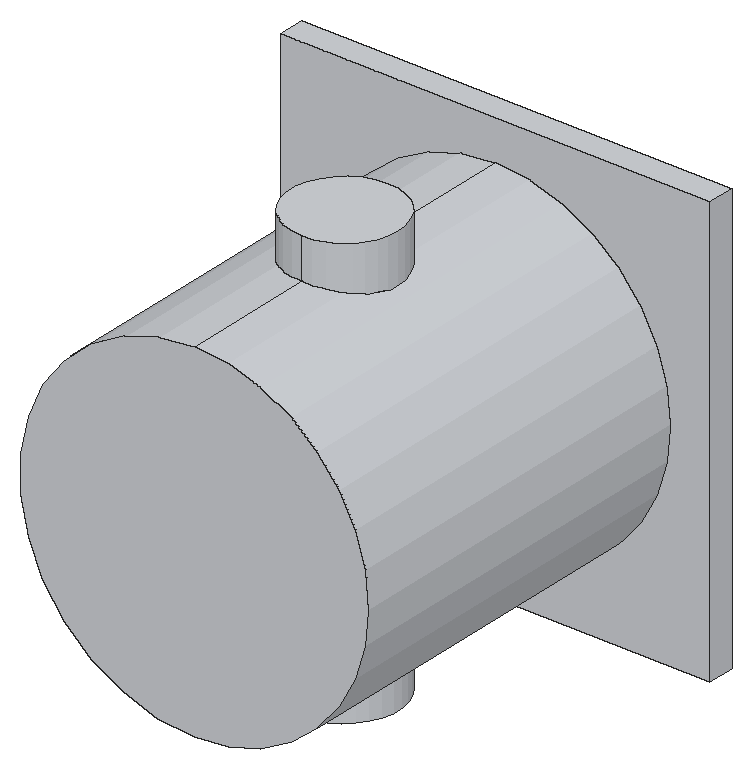
Revit family "NRG_Taster_V1700", category Kommunikationsgeräte, Revit 2017
Family settings
  Beschriftungsausrichtung beibehalten = Nein
  Bemaßung runder Anschluss = Durchmesser verwenden
  Teiletyp = Normal
  OmniClass-Nummer = 23.80.00.00
  OmniClass-Titel = Electric Power and Lighting
  Arbeitsebenenbasiert = Nein
  Immer vertikal = Ja
  Beim Laden mit Abzugskörper schneiden = Nein
  Gemeinsam genutzt = Nein
  Raumberechnungspunkt = Nein
Parameters (values of type "Zugtaster")
  pbr_Material_KZ = ""
  pbr_Material = none
  pbr_E_Typ = ""
  pbr_E_KZ = ""
  pbr_DINBild = 0
  pbr_Bild = 0
  pbr_3Dx_Delta_Korrekturversatz [instance] = 0 mm
  pbr_3DX_Versatzfaktor [instance] = 0
  pbr_2DY_Versatzfaktor [instance] = 0
  pbr_2DX_Versatzfaktor [instance] = 0
  lfd_STRK [instance] = 0
  cpiFitMatchKey [instance] = "E-LI-RU"
  Zugtaster = yes
  Winkel [instance] = 90.00°
  Typ [instance] = ""
  Text3 [instance] = ""
  Text2 [instance] = ""
  Text1 [instance] = ""
  Taster D = 60 mm
  Ruftaster mit Abstellfunktion = no
  Ruftaster SUB-D = no
  Ruftaster = no
  Port2 [instance] = ""
  Port1 [instance] = ""
  Planungsbüro Rohling = "www.pbr.de"
  Patienten-Handgerät = no
  Patchfeld [instance] = ""
  Netzart = ""
  Menge(Dosenzahl) [instance] = 0
  Linie [instance] = ""
  Lastklassifizierung = none
  Installationsart [instance] = ""
  Info [instance] = ""
  Gewerk [instance] = "SR"
  Eckversatz [instance] = 0 mm
  YFrontversatz [instance] = if(pbr_2DY_Versatzfaktor = 300, 0 mm, pbr_2DY_Versatzfaktor * 300 mm)  # 0 mm
  XSeitenversatz [instance] = if(pbr_2DX_Versatzfaktor = 0, 3000 mm, 3000 mm + (pbr_2DX_Versatzfaktor * 300 mm)) + Eckversatz  # 3000 mm
  X3Dversatz [instance] = 2000 mm
  R_Leerrohranschluss = 10 mm
  Niveau [instance] = 1100 mm
  Dosentiefe = 70 mm  # constant formula
  Dosenradius = 65 mm / 2  # 32.5 mm
  D_Leerrohranschluss = 2 * R_Leerrohranschluss  # 20 mm
  Bus [instance] = ""
  Birnentaster = no
  Betriebsstrom ruhe [instance] = 0
  Betriebsstrom max [instance] = 0
  Behinderten-Notruf = no
  Abstelltaster = no
  3DX_Versatzkontrolle [instance] = if(pbr_3DX_Versatzfaktor = 0, (pbr_2DX_Versatzfaktor * -1), (((-1 * pbr_3DX_Versatzfaktor) + pbr_2DX_Versatzfaktor) * -1))  # 0
  3DX_Versatzfaktor [instance] = 0
  3DX_Versatz [instance] = 0 mm
  2DY_Versatzfaktor [instance] = 0
  2DX_Versatzfaktor [instance] = 0
Types (8, lengths in mm): name | Zugtaster | Ruftaster mit Abstellfunktion | Ruftaster SUB-D | Ruftaster | Patienten-Handgerät | Gewerk | Birnentaster | Behinderten-Notruf | Abstelltaster
  Abstelltaster | no | no | no | no | no | "" | no | no | yes
  Behinderten_Notruf | no | no | no | no | no | "" | no | yes | no
  Birnentaster | no | no | no | no | no | "" | yes | no | no
  Patienten_Handgeraet | no | no | no | no | yes | "" | no | no | no
  Ruftaster | no | no | no | yes | no | "" | no | no | no
  Ruftaster_SUBD | no | no | yes | no | no | "" | no | no | no
  Ruftaster_Abstellfunktion | no | yes | no | no | no | "" | no | no | no
  Zugtaster | yes | no | no | no | no | "SR" | no | no | no
Reference planes
  plane 1 "Mitte (Vorne/Hinten)": y = 0
  plane 2: z = 0
  plane 3 "Mitte (Links/Rechts)": x = 0
  plane 4: x = -125
  plane 5: x = 125
  plane 6: y = 300
  plane 7 "Schalterhinten": y = 0
  plane 8: x = -3000
  plane 9: x = 0
  plane 10: x = -2000
  plane 11: x = -40
  plane 12: x = 40
  plane 13: z = 1140
  plane 14: z = 1060
  plane 15 "SchalterVorne": y = 5
  plane 16 "3D Schaltermitte-z": x = 0
  plane 17 "3D Schaltermitte-x": z = 1100
  plane 18: y = -70
  plane 19: y = -35
  plane 20: y = 12.5
Forms (mm)
  Extrusion 1, solid
    sketch origin (0, 20, 0) x (0, 0, 1) y (-1, 0, 0)
      loop
        line (1060, 40) -> (1060, -40) -> (1140, -40) -> (1140, 40) -> (1060, 40)
    from 15 to 20
  Sweep 2, solid
    path origin (0, 0, 0) x (0, 0, 1) y (0, -1, 0)
      loop
        line (1100, 0) -> (1100, 70)
    profile origin (0, -35, 1100) x (0, 0, -1) y (1, 0, 0)
      loop
        circle (0, 0) r 32.5
  Sweep 3, solid
    path origin (0, 0, 0) x (0, 0, 1) y (0, -1, 0)
      loop
        line (1060, 35) -> (1140, 35)
    profile origin (0, -35, 1100) x (0, -1, 0) y (1, 0, 0)
      loop
        circle (0, 0) r 10
  Sweep 4, solid
    path origin (0, 0, 1100) x (-1, 0, 0) y (0, -1, 0)
      loop
        line (0, -5) -> (0, -12.5)
    profile origin (0, 8.75, 1100) x (-1, 0, 0) y (0, 0, 1)
      loop
        circle (0, 0) r 30
Cuts and joins
  joined: Sweep 2, Sweep 3
Lines and regions (mm)
  model lines, not visible
    curve 1: line (-125, 0, 0) -> (125, 0, 0)
    curve 2: line (-125, 300, 0) -> (-125, 0, 0)
    curve 3: line (125, 300, 0) -> (-125, 300, 0)
    curve 4: line (125, 0, 0) -> (125, 300, 0)
Dimensions and locks
  plane 4 to plane 5 = 250 mm
  plane 6 to plane 7 "Schalterhinten" = 300 mm
  equal spacing: plane 4, plane 9, plane 5, locked at 125 each
  "XSeitenversatz": plane 8 to plane 9
  plane 8 to plane 3 "Mitte (Links/Rechts)" = 3000 mm
  "YFrontversatz": plane 1 "Mitte (Vorne/Hinten)" to plane 7 "Schalterhinten"
  plane 12 to plane 11 = 80 mm
  plane 13 to plane 14 = 80 mm
  plane 9 to plane 10 = 2000 mm
  equal spacing: plane 12, plane 16 "3D Schaltermitte-z", plane 11
  "X3Dversatz": plane 16 "3D Schaltermitte-z" to plane 10
  equal spacing: plane 13, plane 17 "3D Schaltermitte-x", plane 14
  "Niveau": plane 17 "3D Schaltermitte-x" to level
  "Dosentiefe": plane 1 "Mitte (Vorne/Hinten)" to plane 18
  plane 15 "SchalterVorne" to plane 1 "Mitte (Vorne/Hinten)" = 5 mm
  equal spacing: plane 18, plane 19, plane 1 "Mitte (Vorne/Hinten)"
  plane 15 "SchalterVorne" to plane 20 = 7.5 mm
  "Dosenradius": radius of Sweep 2 sketch curve
  "R_Leerrohranschluss": radius of Sweep 3 sketch curve
  "Taster D": diameter of Sweep 4 sketch curve
  aligned and locked: level to plane 2
  aligned and locked: curve 1 to plane 7 "Schalterhinten"
  aligned and locked: curve 2 to plane 4
  aligned and locked: curve 3 to plane 6
  aligned and locked: plane 5 to curve 4
  aligned and locked: plane 14 to Extrusion 1 sketch curve
  aligned and locked: Extrusion 1 sketch curve to plane 11
  aligned and locked: Extrusion 1 sketch curve to plane 13
  aligned and locked: plane 12 to Extrusion 1 sketch curve
  aligned and locked: plane 1 "Mitte (Vorne/Hinten)" to Extrusion 1
  aligned and locked: Extrusion 1 to plane 15 "SchalterVorne"
  aligned and locked: plane 20 to Sweep 4 sketch curve
  aligned and locked: plane 15 "SchalterVorne" to Sweep 4 sketch curve
  aligned and locked: nested 1 to plane 9
  aligned and locked: nested 1 to plane 7 "Schalterhinten"
  aligned and locked: nested 2 to plane 7 "Schalterhinten"
  aligned and locked: nested 2 to plane 9
  aligned and locked: nested 3 to plane 7 "Schalterhinten"
  aligned and locked: nested 3 to plane 9
  aligned and locked: nested 4 to plane 7 "Schalterhinten"
  aligned and locked: nested 4 to plane 9
  aligned and locked: nested 5 to plane 7 "Schalterhinten"
  aligned and locked: nested 5 to plane 9
  aligned and locked: nested 6 to plane 7 "Schalterhinten"
  aligned and locked: nested 6 to plane 9
  aligned and locked: nested 7 to plane 7 "Schalterhinten"
  aligned and locked: nested 7 to plane 9
  aligned and locked: nested 8 to plane 7 "Schalterhinten"
  aligned and locked: nested 8 to plane 9
Automatic sketch dimensions
  Sweep 2 sketch curve to plane 17 "3D Schaltermitte-x" = 0 mm
  Sweep 2 sketch curve to plane 1 "Mitte (Vorne/Hinten)" = 0 mm
  Sweep 2 sketch curve to plane 18 = 0 mm
  Sweep 3 sketch curve to plane 14 = 0 mm
  plane 13 to Sweep 3 sketch curve = 0 mm
  Sweep 3 sketch curve to plane 19 = 0 mm
  Sweep 2 sketch curve to plane 16 "3D Schaltermitte-z" = 0 mm
  Sweep 2 sketch curve to profile plane = 0 mm
  Sweep 3 sketch curve to plane 16 "3D Schaltermitte-z" = 0 mm
  Sweep 3 sketch curve to profile plane = 0 mm
  Sweep 4 sketch curve to plane 16 "3D Schaltermitte-z" = 0 mm
  Sweep 4 sketch curve to plane 17 "3D Schaltermitte-x" = 0 mm
  Sweep 4 sketch curve to profile plane = 0 mm
Nested families
  nested 1: "Abstelltaster" at (0, 264, 1100), visible <- "Abstelltaster", Winkel <- "Winkel", type "Abstelltaster"
    with Winkel 90.00°
  nested 2: "Behinderten-Notruf" at (0, 264, 1100), Winkel <- "Winkel", visible <- "Behinderten-Notruf", type "Behinderten-Notruf"
    with Winkel 90.00°
  nested 3: "Birnentaster" at (0, 264, 1100), Winkel <- "Winkel", visible <- "Birnentaster", type "Birnentaster"
    with Winkel 90.00°
  nested 4: "Patienten-Handgerät" at (0, 264, 1100), visible <- "Patienten-Handgerät", Winkel <- "Winkel", type "Patienten-Handgerät"
    with Winkel 90.00°
  nested 5: "Ruftaster" at (0, 264, 1100), visible <- "Ruftaster", Winkel <- "Winkel", type "Ruftaster"
    with Winkel 90.00°
  nested 6: "Ruftaster mit Abstellfunktion" at (0, 264, 1100), visible <- "Ruftaster mit Abstellfunktion", Winkel <- "Winkel", type "Ruftaster mit Abstellfunktion"
    with Winkel 90.00°
  nested 7: "Ruftaster SUB-D" at (0, 264, 1100), visible <- "Ruftaster SUB-D", Winkel <- "Winkel", type "Ruftaster SUB-D"
    with Winkel 90.00°
  nested 8: "Zugtaster" at (0, 264, 1100), visible <- "Zugtaster", Winkel <- "Winkel", type "Zugtaster"
    with Winkel 90.00°
Connectors
  electrical at (0, -35, 1140)
    settings: on cut or joined group of Sweep 2, Sweep 3, index 3, voltage 230 V, apparent load 0 VA, apparent load phase1 0 VA, apparent load phase2 0 VA, apparent load phase3 0 VA, power factor 1, load classification "Standard", number of poles 1, system type 31, power factor state 1, is connector primary yes, connector utility no, sub classification motor no, connector description ""
  cabletrayconduit at (0, -35, 1140), diameter 20, driven by "D_Leerrohranschluss"
    settings: on cut or joined group of Sweep 2, Sweep 3, index 4, connector width 300 mm, connector height 300 mm, connector angle 0.00°, system type 32, placement type 0, profile type 0, connector reference index -1, is primary connector yes, connector utility param no, connector description ""
  cabletrayconduit at (0, -35, 1060), diameter 20, driven by "D_Leerrohranschluss"
    settings: on cut or joined group of Sweep 2, Sweep 3, index 5, connector width 300 mm, connector height 300 mm, connector angle 0.00°, system type 32, placement type 0, profile type 0, connector reference index -1, is primary connector no, connector utility param no, connector description ""
Definition of nested family "Abstelltaster"
  Parameters (values of type "Abstelltaster")
    Winkel [instance] = 90.00°
    Geräteanschluss = yes
  Reference planes
    plane 1 "Mitte (Vorne/Hinten)": y = 0
    plane 2: z = 0
    plane 3 "Mitte (Links/Rechts)": x = 0
    plane 4: x = 0
    plane 5: y = 0
  Lines and regions (mm)
    detail lines, in view "Referenzebene", visible <- "Geräteanschluss"
      curve 1: line (-132, 0, 0) -> (132, 0, 0)
      curve 2: line (-132, -264, 0) -> (-132, 0, 0)
      curve 3: line (132, -264, 0) -> (-132, -264, 0)
      curve 4: line (132, 0, 0) -> (132, -264, 0)
  Dimensions and locks
    "Winkel": angle nested 1 to plane 3 "Mitte (Links/Rechts)"
  Automatic sketch dimensions
    plane 1 "Mitte (Vorne/Hinten)" to curve 2 = 0 mm
    curve 3 to plane 3 "Mitte (Links/Rechts)" = 132 mm
    plane 3 "Mitte (Links/Rechts)" to curve 3 = 132 mm
    plane 1 "Mitte (Vorne/Hinten)" to curve 4 = 264 mm
  Nested families
    nested 1: "text_Abstelltaster" at (0, -130, 0), type "Abstelltaster", in view "Referenzebene"
  Definition of nested family "text_Abstelltaster"
    Parameters (values of type "Abstelltaster")
      T = yes
      A = yes
    Reference planes
      plane 1 "Mitte (Vorne/Hinten)": y = 0
      plane 2: z = 0
      plane 3 "Mitte (Links/Rechts)": x = 0
    Lines and regions (mm)
      Filled region 1, type "Beton", in view "Referenzebene", visible <- "A"
        outline origin (1763.486, -757.628, 0) x (1, 0, 0) y (0, 1, 0)
          loop
            line (-1894.93, 668.608) -> (-1870.104, 668.608) -> (-1850.54, 722.358) -> (-1776.276, 722.358) -> (-1755.46, 668.608) -> (-1728.855, 668.608) -> (-1801.588, 845.993) -> (-1826.588, 845.993) -> (-1894.93, 668.608)
          loop
            line (-1843.65, 741.289) -> (-1783.608, 741.289) -> (-1814.84, 827.1) -> (-1843.65, 741.289)
      Filled region 2, type "Beton", in view "Referenzebene", visible <- "T"
        outline origin (-690.85, -761.746, 0) x (1, 0, 0) y (0, 1, 0)
          loop
            line (764.29, 672.451) -> (764.29, 829.169) -> (822.273, 829.169) -> (822.273, 849.836) -> (682.273, 849.836) -> (682.273, 829.169) -> (740.869, 829.169) -> (740.869, 672.451) -> (764.29, 672.451)
Definition of nested family "Behinderten-Notruf"
  Parameters (values of type "Behinderten-Notruf")
    Winkel [instance] = 90.00°
    Geräteanschluss = yes
  Reference planes
    plane 1 "Mitte (Vorne/Hinten)": y = 0
    plane 2: z = 0
    plane 3 "Mitte (Links/Rechts)": x = 0
    plane 4: x = 0
    plane 5: y = 0
  Lines and regions (mm)
    detail lines, in view "Referenzebene", visible <- "Geräteanschluss"
      curve 1: line (-132, 0, 0) -> (132, 0, 0)
      curve 2: line (-132, -264, 0) -> (-132, 0, 0)
      curve 3: line (132, -264, 0) -> (-132, -264, 0)
      curve 4: line (132, 0, 0) -> (132, -264, 0)
  Dimensions and locks
    "Winkel": angle nested 1 to plane 3 "Mitte (Links/Rechts)"
  Automatic sketch dimensions
    plane 1 "Mitte (Vorne/Hinten)" to curve 2 = 0 mm
    curve 3 to plane 3 "Mitte (Links/Rechts)" = 132 mm
    plane 3 "Mitte (Links/Rechts)" to curve 3 = 132 mm
    plane 1 "Mitte (Vorne/Hinten)" to curve 4 = 264 mm
  Nested families
    nested 1: "text_Behinderten-Notruf" at (0, -130, 0), type "Behinderten-Notruf", in view "Referenzebene"
  Definition of nested family "text_Behinderten-Notruf"
    Parameters (values of type "Behinderten-Notruf")
      H = yes
      B = yes
    Reference planes
      plane 1 "Mitte (Vorne/Hinten)": y = 0
      plane 2: z = 0
      plane 3 "Mitte (Links/Rechts)": x = 0
    Lines and regions (mm)
      Filled region 1, type "Beton", in view "Referenzebene", visible <- "H"
        outline origin (890.953, -1031.261, 0) x (1, 0, 0) y (0, 1, 0)
          loop
            line (-898.917, 942.626) -> (-875.554, 942.626) -> (-875.554, 1026.379) -> (-783.241, 1026.379) -> (-783.241, 942.626) -> (-759.837, 942.626) -> (-759.837, 1120.011) -> (-783.294, 1120.011) -> (-783.294, 1047.239) -> (-875.554, 1047.239) -> (-875.554, 1120.011) -> (-898.917, 1120.011) -> (-898.917, 942.626)
      Filled region 2, type "Beton", in view "Referenzebene", visible <- "B"
        outline origin (1414.512, -702.195, 0) x (1, 0, 0) y (0, 1, 0)
          loop
            line (-1544.516, 613.56) -> (-1479.516, 613.56)
            spline (-1479.516, 613.56) -> (-1459.501, 614.538) -> (-1449.077, 616.37) -> (-1438.354, 619.877) -> (-1427.259, 626.578) -> (-1419.677, 635.015) -> (-1414.593, 644.56) -> (-1411.289, 655.805) -> (-1410.745, 669.292) -> (-1412.675, 679.306) -> (-1417.981, 690.224) -> (-1425.374, 698.411) -> (-1438.978, 706.179)
            line (-1438.978, 706.179) -> (-1443.955, 707.99)
            spline (-1443.955, 707.99) -> (-1428.986, 719.191) -> (-1424.102, 726.277) -> (-1420.545, 735.059) -> (-1419.168, 744.675) -> (-1419.889, 753.616) -> (-1423.248, 763.57) -> (-1427.791, 771.692) -> (-1433.554, 778.155) -> (-1441.382, 783.669) -> (-1450.465, 787.576) -> (-1460.593, 789.819) -> (-1479.516, 790.945)
            line (-1479.516, 790.945) -> (-1544.516, 790.945) -> (-1544.516, 613.56)
          loop
            line (-1521.017, 634.543) -> (-1479.516, 634.543)
            spline (-1479.516, 634.543) -> (-1460.741, 635.334) -> (-1451.186, 638.212) -> (-1443.788, 642.832) -> (-1438.427, 649.914) -> (-1435.238, 659.162) -> (-1434.982, 668.394) -> (-1437.266, 677.482) -> (-1442.396, 685.293) -> (-1449.347, 690.587) -> (-1459.046, 693.875) -> (-1467.812, 695.071) -> (-1479.516, 695.54)
            line (-1479.516, 695.54) -> (-1521.017, 695.54) -> (-1521.017, 634.543)
          loop
            line (-1521.067, 716.443) -> (-1473.787, 716.443)
            spline (-1473.787, 716.443) -> (-1459.166, 718.851) -> (-1452.417, 722.041) -> (-1446.847, 727.287) -> (-1443.291, 734.695) -> (-1442.216, 742.824) -> (-1443.058, 750.483) -> (-1446.177, 758.019) -> (-1450.902, 763.476) -> (-1457.933, 767.41) -> (-1464.994, 768.967) -> (-1473.55, 769.762) -> (-1489.755, 770.003)
            line (-1489.755, 770.003) -> (-1521.067, 770.003) -> (-1521.067, 716.443)
Definition of nested family "Birnentaster"
  Parameters (values of type "Birnentaster")
    Winkel [instance] = 90.00°
    Geräteanschluss = yes
  Reference planes
    plane 1 "Mitte (Vorne/Hinten)": y = 0
    plane 2: z = 0
    plane 3 "Mitte (Links/Rechts)": x = 0
    plane 4: x = 0
    plane 5: y = 0
  Lines and regions (mm)
    detail lines, in view "Referenzebene", visible <- "Geräteanschluss"
      curve 1: line (-132, 0, 0) -> (132, 0, 0)
      curve 2: line (-132, -264, 0) -> (-132, 0, 0)
      curve 3: line (132, -264, 0) -> (-132, -264, 0)
      curve 4: line (132, 0, 0) -> (132, -264, 0)
  Dimensions and locks
    "Winkel": angle nested 1 to plane 4
  Automatic sketch dimensions
    plane 1 "Mitte (Vorne/Hinten)" to curve 2 = 0 mm
    curve 3 to plane 3 "Mitte (Links/Rechts)" = 132 mm
    plane 3 "Mitte (Links/Rechts)" to curve 3 = 132 mm
    plane 1 "Mitte (Vorne/Hinten)" to curve 4 = 264 mm
  Nested families
    nested 1: "text_Birnentaster" at (-0.592, -129.408, 0), type "text_Birnentaster", in view "Referenzebene"
  Definition of nested family "text_Birnentaster"
    Parameters (values of type "text_Birnentaster")
      T = yes
      B = yes
    Reference planes
      plane 1 "Mitte (Vorne/Hinten)": y = 0
      plane 2: z = 0
      plane 3 "Mitte (Links/Rechts)": x = 0
    Lines and regions (mm)
      Filled region 1, type "Beton", in view "Referenzebene", visible <- "B"
        outline origin (1479.859, -694.18, 0) x (1, 0, 0) y (0, 1, 0)
          loop
            line (-1609.863, 605.545) -> (-1544.863, 605.545)
            spline (-1544.863, 605.545) -> (-1524.848, 606.523) -> (-1514.424, 608.355) -> (-1503.702, 611.862) -> (-1492.606, 618.563) -> (-1485.024, 627) -> (-1479.94, 636.545) -> (-1476.636, 647.79) -> (-1476.092, 661.277) -> (-1478.022, 671.291) -> (-1483.328, 682.209) -> (-1490.721, 690.396) -> (-1504.326, 698.164)
            line (-1504.326, 698.164) -> (-1509.302, 699.975)
            spline (-1509.302, 699.975) -> (-1494.333, 711.176) -> (-1489.449, 718.262) -> (-1485.892, 727.044) -> (-1484.515, 736.66) -> (-1485.236, 745.601) -> (-1488.595, 755.555) -> (-1493.138, 763.678) -> (-1498.902, 770.14) -> (-1506.729, 775.654) -> (-1515.812, 779.561) -> (-1525.94, 781.804) -> (-1544.863, 782.93)
            line (-1544.863, 782.93) -> (-1609.863, 782.93) -> (-1609.863, 605.545)
          loop
            line (-1586.364, 626.528) -> (-1544.863, 626.528)
            spline (-1544.863, 626.528) -> (-1526.088, 627.319) -> (-1516.533, 630.197) -> (-1509.135, 634.817) -> (-1503.774, 641.899) -> (-1500.585, 651.147) -> (-1500.329, 660.379) -> (-1502.613, 669.467) -> (-1507.743, 677.278) -> (-1514.694, 682.572) -> (-1524.393, 685.86) -> (-1533.159, 687.056) -> (-1544.863, 687.525)
            line (-1544.863, 687.525) -> (-1586.364, 687.525) -> (-1586.364, 626.528)
          loop
            line (-1586.414, 708.428) -> (-1539.134, 708.428)
            spline (-1539.134, 708.428) -> (-1524.513, 710.836) -> (-1517.764, 714.026) -> (-1512.194, 719.272) -> (-1508.638, 726.68) -> (-1507.563, 734.809) -> (-1508.405, 742.468) -> (-1511.524, 750.004) -> (-1516.249, 755.461) -> (-1523.281, 759.396) -> (-1530.341, 760.952) -> (-1538.897, 761.747) -> (-1555.102, 761.988)
            line (-1555.102, 761.988) -> (-1586.414, 761.988) -> (-1586.414, 708.428)
      Filled region 2, type "Beton", in view "Referenzebene", visible <- "T"
        outline origin (-1025.329, -1031.536, 0) x (1, 0, 0) y (0, 1, 0)
          loop
            line (1098.534, 942.626) -> (1098.534, 1099.344) -> (1156.517, 1099.344) -> (1156.517, 1120.011) -> (1016.517, 1120.011) -> (1016.517, 1099.344) -> (1075.113, 1099.344) -> (1075.113, 942.626) -> (1098.534, 942.626)
Definition of nested family "Patienten-Handgerät"
  Parameters (values of type "Patienten-Handgerät")
    Winkel [instance] = 90.00°
    Geräteanschluss = yes
  Reference planes
    plane 1 "Mitte (Vorne/Hinten)": y = 0
    plane 2: z = 0
    plane 3 "Mitte (Links/Rechts)": x = 0
    plane 4: x = 0
    plane 5: y = 0
  Lines and regions (mm)
    detail lines, in view "Referenzebene", visible <- "Geräteanschluss"
      curve 1: line (-132, 0, 0) -> (132, 0, 0)
      curve 2: line (-132, -264, 0) -> (-132, 0, 0)
      curve 3: line (132, -264, 0) -> (-132, -264, 0)
      curve 4: line (132, 0, 0) -> (132, -264, 0)
  Dimensions and locks
    "Winkel": angle nested 1 to plane 3 "Mitte (Links/Rechts)"
  Automatic sketch dimensions
    plane 1 "Mitte (Vorne/Hinten)" to curve 2 = 0 mm
    curve 3 to plane 3 "Mitte (Links/Rechts)" = 132 mm
    plane 3 "Mitte (Links/Rechts)" to curve 3 = 132 mm
    plane 1 "Mitte (Vorne/Hinten)" to curve 4 = 264 mm
  Nested families
    nested 1: "text_Patientenhandgerät" at (-3, -140, 0), type "text_Patientenhandgerät", in view "Referenzebene"
  Definition of nested family "text_Patientenhandgerät"
    Parameters (values of type "text_Patientenhandgerät")
      P = yes
      H = yes
    Reference planes
      plane 1 "Mitte (Vorne/Hinten)": y = 0
      plane 2: z = 0
      plane 3 "Mitte (Links/Rechts)": x = 0
    Lines and regions (mm)
      Filled region 1, type "Beton", in view "Referenzebene", visible <- "H"
        outline origin (890.953, -1031.261, 0) x (1, 0, 0) y (0, 1, 0)
          loop
            line (-898.917, 942.626) -> (-875.554, 942.626) -> (-875.554, 1026.379) -> (-783.241, 1026.379) -> (-783.241, 942.626) -> (-759.837, 942.626) -> (-759.837, 1120.011) -> (-783.294, 1120.011) -> (-783.294, 1047.239) -> (-875.554, 1047.239) -> (-875.554, 1120.011) -> (-898.917, 1120.011) -> (-898.917, 942.626)
      Filled region 2, type "Beton", in view "Referenzebene", visible <- "P"
        outline origin (-461.746, -1031.343, 0) x (1, 0, 0) y (0, 1, 0)
          loop
            line (336.086, 1120.011) -> (336.086, 942.626) -> (359.695, 942.626) -> (359.695, 1014.897) -> (419.695, 1014.897)
            arc (419.695, 1014.897) -> (472.252, 1067.454) -> (419.695, 1120.011) r 52.557
            line (419.695, 1120.011) -> (336.086, 1120.011)
          loop
            line (359.622, 1099.151) -> (359.622, 1035.643) -> (414.622, 1035.643)
            arc (414.622, 1035.643) -> (446.376, 1067.397) -> (414.622, 1099.151) r 31.754
            line (414.622, 1099.151) -> (359.622, 1099.151)
Definition of nested family "Ruftaster"
  Parameters (values of type "Ruftaster")
    Winkel [instance] = 90.00°
    Geräteanschluss = yes
  Reference planes
    plane 1 "Mitte (Vorne/Hinten)": y = 0
    plane 2: z = 0
    plane 3 "Mitte (Links/Rechts)": x = 0
    plane 4: x = 0
    plane 5: y = 0
  Lines and regions (mm)
    detail lines, in view "Referenzebene", visible <- "Geräteanschluss"
      curve 1: line (-141.381, 0, 0) -> (141.619, 0, 0)
      curve 2: line (-141.381, -264, 0) -> (-141.381, 0, 0)
      curve 3: line (141.619, -264, 0) -> (-141.381, -264, 0)
      curve 4: line (141.619, 0, 0) -> (141.619, -264, 0)
  Dimensions and locks
    curve 2 to plane 4 to curve 4 = 141.381 mm, 141.619 mm
    "Winkel": angle nested 1 to plane 3 "Mitte (Links/Rechts)"
  Automatic sketch dimensions
    plane 1 "Mitte (Vorne/Hinten)" to curve 2 = 0 mm
    plane 1 "Mitte (Vorne/Hinten)" to curve 4 = 264 mm
  Nested families
    nested 1: "text_Ruftaster" at (1.619, -140, 0), type "text_Ruftaster", in view "Referenzebene"
  Definition of nested family "text_Ruftaster"
    Parameters (values of type "text_Ruftaster")
      T = yes
      R = yes
    Reference planes
      plane 1 "Mitte (Vorne/Hinten)": y = 0
      plane 2: z = 0
      plane 3 "Mitte (Links/Rechts)": x = 0
    Lines and regions (mm)
      Filled region 1, type "Beton", in view "Referenzebene", visible <- "R"
        outline origin (-828.707, -1031.261, 0) x (1, 0, 0) y (0, 1, 0)
          loop
            line (713.794, 1100.728) -> (713.794, 1041.738) -> (778.794, 1041.738)
            arc (778.794, 1041.738) -> (808.289, 1071.233) -> (778.794, 1100.728) r 29.495
            line (778.794, 1100.728) -> (713.794, 1100.728)
          loop
            line (690.435, 1120.011) -> (690.435, 942.626) -> (713.812, 942.626) -> (713.812, 1021.355) -> (743.347, 1021.355)
            spline (743.347, 1021.355) -> (751.614, 1020.86) -> (756.113, 1019.813) -> (759.33, 1018.707) -> (762.096, 1017.398) -> (764.706, 1015.734) -> (767.134, 1013.913) -> (769.382, 1012.01) -> (771.552, 1009.882) -> (773.807, 1007.385) -> (776.374, 1004.38) -> (779.743, 1000.215) -> (784.766, 993.509)
            line (784.766, 993.509) -> (816.561, 942.626) -> (846.561, 942.626) -> (821.191, 983.227)
            spline (821.191, 983.227) -> (816.586, 989.79) -> (812.548, 995.47) -> (808.977, 1000.333) -> (805.775, 1004.443) -> (802.869, 1007.863) -> (800.322, 1010.622) -> (798.247, 1012.742) -> (796.706, 1014.271) -> (795.338, 1015.488) -> (793.55, 1016.814) -> (790.594, 1018.833) -> (782.879, 1023.344)
            arc (782.879, 1023.344) -> (831.213, 1071.678) -> (782.879, 1120.011) r 48.334
            line (782.879, 1120.011) -> (690.435, 1120.011)
      Filled region 2, type "Beton", in view "Referenzebene", visible <- "T"
        outline origin (-1025.329, -1031.536, 0) x (1, 0, 0) y (0, 1, 0)
          loop
            line (1098.534, 942.626) -> (1098.534, 1099.344) -> (1156.517, 1099.344) -> (1156.517, 1120.011) -> (1016.517, 1120.011) -> (1016.517, 1099.344) -> (1075.113, 1099.344) -> (1075.113, 942.626) -> (1098.534, 942.626)
Definition of nested family "Ruftaster mit Abstellfunktion"
  Parameters (values of type "Ruftaster mit Abstellfunktion")
    Winkel [instance] = 90.00°
    Geräteanschluss = yes
  Reference planes
    plane 1 "Mitte (Vorne/Hinten)": y = 0
    plane 2: z = 0
    plane 3 "Mitte (Links/Rechts)": x = 0
    plane 4: x = 0
    plane 5: y = 0
  Lines and regions (mm)
    detail lines, in view "Referenzebene", visible <- "Geräteanschluss"
      curve 1: line (-132, 0, 0) -> (132, 0, 0)
      curve 2: line (-132, -264, 0) -> (-132, 0, 0)
      curve 3: line (132, -264, 0) -> (-132, -264, 0)
      curve 4: line (132, 0, 0) -> (132, -264, 0)
  Dimensions and locks
    "Winkel": angle nested 1 to plane 3 "Mitte (Links/Rechts)"
  Automatic sketch dimensions
    plane 1 "Mitte (Vorne/Hinten)" to curve 2 = 0 mm
    curve 3 to plane 3 "Mitte (Links/Rechts)" = 132 mm
    plane 3 "Mitte (Links/Rechts)" to curve 3 = 132 mm
    plane 1 "Mitte (Vorne/Hinten)" to curve 4 = 264 mm
  Nested families
    nested 1: "text_Ruftaster mit Abstellfunktion" at (0, -130, 0), type "Ruftaster mit Abstellfunktion", in view "Referenzebene"
  Definition of nested family "text_Ruftaster mit Abstellfunktion"
    Parameters (values of type "Ruftaster mit Abstellfunktion")
      T = yes
      R = yes
    Reference planes
      plane 1 "Mitte (Vorne/Hinten)": y = 0
      plane 2: z = 0
      plane 3 "Mitte (Links/Rechts)": x = 0
    Lines and regions (mm)
      Filled region 1, type "Beton", in view "Referenzebene"
        outline origin (-164.802, 141.911, 0) x (1, 0, 0) y (0, 1, 0)
          loop
            line (302.916, -260.233) -> (317.501, -260.233) -> (328.851, -228.879) -> (372.133, -228.879) -> (384.209, -260.223) -> (399.815, -260.223) -> (357.461, -156.73) -> (342.701, -156.73) -> (302.916, -260.233)
          loop
            line (332.814, -217.761) -> (367.849, -217.761) -> (349.768, -167.626) -> (332.814, -217.761)
          loop
            line (409.387, -156.747) -> (409.387, -260.223) -> (450.803, -260.223)
            spline (450.803, -260.223) -> (461.679, -259.281) -> (468.24, -257.751) -> (474.182, -255.137) -> (479.104, -251.605) -> (482.741, -246.997) -> (485.397, -241.3) -> (487.295, -234.972) -> (487.941, -228.838) -> (486.942, -222.864) -> (483.906, -216.771) -> (478.198, -210.619) -> (467.834, -205.133)
            line (467.834, -205.133) -> (469.23, -204.481)
            spline (469.23, -204.481) -> (474.135, -201.107) -> (478.948, -195.871) -> (481.734, -189.947) -> (482.52, -184.38) -> (482.124, -178.808) -> (480.554, -172.948) -> (477.25, -167.263) -> (471.999, -162.562) -> (466.654, -159.465) -> (461.236, -157.881) -> (452.625, -156.859) -> (439.002, -156.747)
            line (439.002, -156.747) -> (409.387, -156.747)
          loop
            spline (451.981, -200.219) -> (456.536, -199.691) -> (460.779, -198.143) -> (464.424, -195.68) -> (467.22, -192.47) -> (468.978, -188.733) -> (469.578, -184.722) -> (468.978, -180.711) -> (467.22, -176.973) -> (464.424, -173.764) -> (460.779, -171.301) -> (456.536, -169.753) -> (451.981, -169.225)
            line (451.981, -169.225) -> (422.944, -169.225) -> (422.944, -200.219) -> (451.981, -200.219)
          loop
            spline (455.264, -248.2) -> (460.001, -247.596) -> (464.414, -245.825) -> (468.204, -243.009) -> (471.113, -239.339) -> (472.941, -235.065) -> (473.564, -230.478) -> (472.941, -225.892) -> (471.113, -221.618) -> (468.204, -217.948) -> (464.414, -215.132) -> (460.001, -213.361) -> (455.264, -212.757)
            line (455.264, -212.757) -> (422.944, -212.757) -> (422.944, -248.2) -> (455.264, -248.2)
      Filled region 2, type "Beton", in view "Referenzebene", visible <- "R"
        outline origin (-821.356, -1031.949, 0) x (1, 0, 0) y (0, 1, 0)
          loop
            line (713.794, 1100.728) -> (713.794, 1041.738) -> (778.794, 1041.738)
            arc (778.794, 1041.738) -> (808.289, 1071.233) -> (778.794, 1100.728) r 29.495
            line (778.794, 1100.728) -> (713.794, 1100.728)
          loop
            line (690.435, 1120.011) -> (690.435, 942.626) -> (713.812, 942.626) -> (713.812, 1021.355) -> (743.347, 1021.355)
            spline (743.347, 1021.355) -> (751.614, 1020.86) -> (756.113, 1019.813) -> (759.33, 1018.707) -> (762.096, 1017.398) -> (764.706, 1015.734) -> (767.134, 1013.913) -> (769.382, 1012.01) -> (771.552, 1009.882) -> (773.807, 1007.385) -> (776.374, 1004.38) -> (779.743, 1000.215) -> (784.766, 993.509)
            line (784.766, 993.509) -> (816.561, 942.626) -> (846.561, 942.626) -> (821.191, 983.227)
            spline (821.191, 983.227) -> (816.586, 989.79) -> (812.548, 995.47) -> (808.977, 1000.333) -> (805.775, 1004.443) -> (802.869, 1007.863) -> (800.322, 1010.622) -> (798.247, 1012.742) -> (796.706, 1014.271) -> (795.338, 1015.488) -> (793.55, 1016.814) -> (790.594, 1018.833) -> (782.879, 1023.344)
            arc (782.879, 1023.344) -> (831.213, 1071.678) -> (782.879, 1120.011) r 48.334
            line (782.879, 1120.011) -> (690.435, 1120.011)
      Filled region 3, type "Beton", in view "Referenzebene", visible <- "T"
        outline origin (-805.785, -807.392, 0) x (1, 0, 0) y (0, 1, 0)
          loop
            line (879.069, 717.795) -> (879.069, 874.513) -> (937.052, 874.513) -> (937.052, 895.18) -> (797.052, 895.18) -> (797.052, 874.513) -> (855.648, 874.513) -> (855.648, 717.795) -> (879.069, 717.795)
Definition of nested family "Ruftaster SUB-D"
  Parameters (values of type "Ruftaster SUB-D")
    Winkel [instance] = 90.00°
    Geräteanschluss = yes
  Reference planes
    plane 1 "Mitte (Vorne/Hinten)": y = 0
    plane 2: z = 0
    plane 3 "Mitte (Links/Rechts)": x = 0
    plane 4: x = 0
    plane 5: y = 0
  Lines and regions (mm)
    detail lines, in view "Referenzebene", visible <- "Geräteanschluss"
      curve 1: line (-132, 0, 0) -> (132, 0, 0)
      curve 2: line (-132, -264, 0) -> (-132, 0, 0)
      curve 3: line (132, -264, 0) -> (-132, -264, 0)
      curve 4: line (132, 0, 0) -> (132, -264, 0)
  Dimensions and locks
    "Winkel": angle nested 1 to plane 3 "Mitte (Links/Rechts)"
  Automatic sketch dimensions
    plane 1 "Mitte (Vorne/Hinten)" to curve 2 = 0 mm
    curve 3 to plane 3 "Mitte (Links/Rechts)" = 132 mm
    plane 3 "Mitte (Links/Rechts)" to curve 3 = 132 mm
    plane 1 "Mitte (Vorne/Hinten)" to curve 4 = 264 mm
  Nested families
    nested 1: "text_Ruftaster SUB-D" at (0, -130, 0), type "text_Ruftaster SUB-D", in view "Referenzebene"
  Definition of nested family "text_Ruftaster SUB-D"
    Parameters (values of type "text_Ruftaster SUB-D")
      T = yes
      R = yes
    Reference planes
      plane 1 "Mitte (Vorne/Hinten)": y = 0
      plane 2: z = 0
      plane 3 "Mitte (Links/Rechts)": x = 0
    Lines and regions (mm)
      Filled region 1, type "Beton", in view "Referenzebene"
        outline origin (-16.664, 114.562, 0) x (1, 0, 0) y (0, 1, 0)
          loop
            line (227.492, -162.405) -> (245.844, -159.915)
            spline (245.844, -159.915) -> (233.466, -137.186) -> (209.036, -129.141) -> (186.824, -130.814) -> (167.536, -142.334) -> (161.141, -161.588) -> (169.93, -181.323) -> (193.554, -191.773) -> (218.538, -198.629) -> (230.605, -209.649) -> (219.198, -226.975) -> (193.847, -227.668) -> (176.642, -206.085)
            line (176.642, -206.085) -> (158.104, -209.021)
            spline (158.104, -209.021) -> (173.941, -236.556) -> (194.419, -243.914) -> (218.322, -243.263) -> (239.096, -233.537) -> (249.697, -214.717) -> (245.713, -193.66) -> (226.593, -181.133) -> (201.806, -173.909) -> (182.524, -166.267) -> (185.886, -147.809) -> (208.696, -144.624) -> (227.492, -162.405)
      Filled region 2, type "Beton", in view "Referenzebene", visible <- "R"
        outline origin (-821.76, -1032.011, 0) x (1, 0, 0) y (0, 1, 0)
          loop
            line (713.794, 1100.728) -> (713.794, 1041.738) -> (778.794, 1041.738)
            arc (778.794, 1041.738) -> (808.289, 1071.233) -> (778.794, 1100.728) r 29.495
            line (778.794, 1100.728) -> (713.794, 1100.728)
          loop
            line (690.435, 1120.011) -> (690.435, 942.626) -> (713.812, 942.626) -> (713.812, 1021.355) -> (743.347, 1021.355)
            spline (743.347, 1021.355) -> (751.614, 1020.86) -> (756.113, 1019.813) -> (759.33, 1018.707) -> (762.096, 1017.398) -> (764.706, 1015.734) -> (767.134, 1013.913) -> (769.382, 1012.01) -> (771.552, 1009.882) -> (773.807, 1007.385) -> (776.374, 1004.38) -> (779.743, 1000.215) -> (784.766, 993.509)
            line (784.766, 993.509) -> (816.561, 942.626) -> (846.561, 942.626) -> (821.191, 983.227)
            spline (821.191, 983.227) -> (816.586, 989.79) -> (812.548, 995.47) -> (808.977, 1000.333) -> (805.775, 1004.443) -> (802.869, 1007.863) -> (800.322, 1010.622) -> (798.247, 1012.742) -> (796.706, 1014.271) -> (795.338, 1015.488) -> (793.55, 1016.814) -> (790.594, 1018.833) -> (782.879, 1023.344)
            arc (782.879, 1023.344) -> (831.213, 1071.678) -> (782.879, 1120.011) r 48.334
            line (782.879, 1120.011) -> (690.435, 1120.011)
      Filled region 3, type "Beton", in view "Referenzebene", visible <- "T"
        outline origin (-867.644, -656.649, 0) x (1, 0, 0) y (0, 1, 0)
          loop
            line (940.59, 567.36) -> (940.59, 724.078) -> (998.573, 724.078) -> (998.573, 744.745) -> (858.573, 744.745) -> (858.573, 724.078) -> (917.169, 724.078) -> (917.169, 567.36) -> (940.59, 567.36)
Definition of nested family "Zugtaster"
  Parameters (values of type "Zugtaster")
    Winkel [instance] = 90.00°
    Geräteanschluss = yes
  Reference planes
    plane 1 "Mitte (Vorne/Hinten)": y = 0
    plane 2: z = 0
    plane 3 "Mitte (Links/Rechts)": x = 0
    plane 4: x = 0
    plane 5: y = 0
  Lines and regions (mm)
    detail lines, in view "Referenzebene", visible <- "Geräteanschluss"
      curve 1: line (-132, 0, 0) -> (132, 0, 0)
      curve 2: line (-132, -264, 0) -> (-132, 0, 0)
      curve 3: line (132, -264, 0) -> (-132, -264, 0)
      curve 4: line (132, 0, 0) -> (132, -264, 0)
  Dimensions and locks
    "Winkel": angle nested 1 to plane 3 "Mitte (Links/Rechts)"
  Automatic sketch dimensions
    plane 1 "Mitte (Vorne/Hinten)" to curve 2 = 0 mm
    curve 3 to plane 3 "Mitte (Links/Rechts)" = 132 mm
    plane 3 "Mitte (Links/Rechts)" to curve 3 = 132 mm
    plane 1 "Mitte (Vorne/Hinten)" to curve 4 = 264 mm
  Nested families
    nested 1: "text_Zugtaster" at (4.241, -135, 0), type "text_Zugtaster", in view "Referenzebene"
  Definition of nested family "text_Zugtaster"
    Parameters (values of type "text_Zugtaster")
      Z = yes
      T = yes
    Reference planes
      plane 1 "Mitte (Vorne/Hinten)": y = 0
      plane 2: z = 0
      plane 3 "Mitte (Links/Rechts)": x = 0
    Lines and regions (mm)
      Filled region 1, type "Beton", in view "Referenzebene", visible <- "Z"
        outline origin (-2205.507, -1030.93, 0) x (1, 0, 0) y (0, 1, 0)
          loop
            line (2077.719, 1120.011) -> (2077.719, 1099.19) -> (2173.479, 1099.19) -> (2069.521, 970.813) -> (2069.521, 942.626) -> (2197.682, 942.626) -> (2197.682, 963.19) -> (2090.349, 963.19) -> (2193.532, 1090.609) -> (2193.532, 1120.011) -> (2077.719, 1120.011)
      Filled region 2, type "Beton", in view "Referenzebene", visible <- "T"
        outline origin (-1029.096, -1031.511, 0) x (1, 0, 0) y (0, 1, 0)
          loop
            line (1098.534, 942.626) -> (1098.534, 1099.344) -> (1156.517, 1099.344) -> (1156.517, 1120.011) -> (1016.517, 1120.011) -> (1016.517, 1099.344) -> (1075.113, 1099.344) -> (1075.113, 942.626) -> (1098.534, 942.626)
